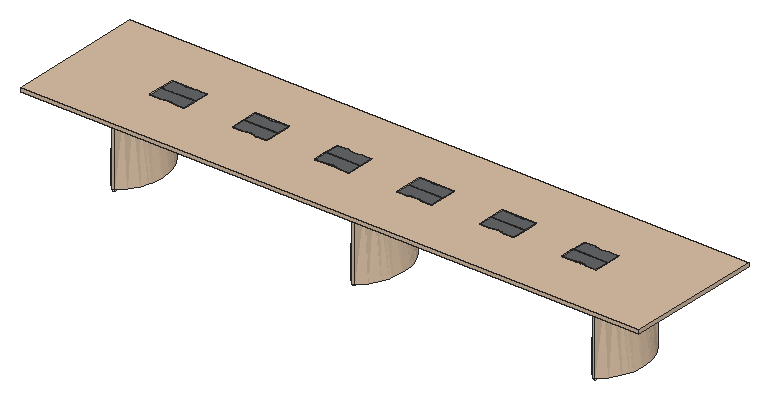
Revit family
Parameters (values of type "18' x 48", 2Pc. Top (6 TAPS)")
  URL = "www.coalesse.com"
  Type Comments = "HS1848R26"
  TwoPiece = yes
  Top Thickness = 0' - 1 1/4"
  Top Finish = Furniture_Coalesse_Host_Top Finish (Veneer)
  ThreePiece = no
  TAP spacing = 2' - 4 13/16"
  Model = "Host"
  Manufacturer = "COALESSE"
  Length = 18' - 0"  # constant formula
  Leg Height = Height - Top Thickness  # 2' - 3 1/4"
  Leg Base (Veneer) = Furniture_Coalesse_Host_Leg Finish (Veneer)
  Height = 2' - 4 1/2"  # constant formula
  Width = 4' - 0"
  Description = "18'L x 48\"W Two Piece Top"
  6 TAP (Table) = yes
  6 TAP = yes
  4 TAP (Table) = no
  4 TAP = yes
  2 TAP (Table) = no
  2 TAP = yes
  1 TAP (Table) = no
  1 TAP = yes
  0 TAP = no
Types (21): name | Type Comments | TwoPiece | ThreePiece | TAP spacing | Width | Description | 6 TAP (Table) | 6 TAP | 4 TAP (Table) | 4 TAP | 2 TAP (Table) | 2 TAP | 1 TAP (Table) | 1 TAP | 0 TAP
  (no name) | "HS1848R26" | yes | no | 2' - 4 13/16" | 4' - 0" | "18'L x 48\"W Two Piece Top" | yes | yes | no | yes | no | yes | no | yes | no
  18' x 48", 2Pc. Top (0 TAP) | "HS1848R20" | yes | no | 4' - 0" | 4' - 0" | "18'L x 48\"W Two Piece Top" | no | no | no | no | no | no | no | no | yes
  18' x 48", 2Pc. Top (1 TAP) | "HS1848R21" | yes | no | 4' - 0" | 4' - 0" | "18'L x 48\"W Two Piece Top" | no | no | no | no | no | no | yes | yes | no
  18' x 48", 2Pc. Top (2 TAPS) | "HS1848R22" | yes | no | 4' - 0" | 4' - 0" | "18'L x 48\"W Two Piece Top" | no | no | no | no | yes | yes | no | yes | no
  18' x 60", 2Pc. Top (0 TAP) | "HS1860R20" | yes | no | 4' - 0" | 5' - 0" | "18'L x 60\"W Two Piece Top" | no | no | no | no | no | no | no | no | yes
  18' x 60", 2Pc. Top (1 TAP) | "HS1860R21" | yes | no | 4' - 0" | 5' - 0" | "18'L x 60\"W Two Piece Top" | no | no | no | no | no | no | yes | yes | no
  18' x 60", 2Pc. Top (2 TAPS) | "HS1860R22" | yes | no | 4' - 0" | 5' - 0" | "18'L x 60\"W Two Piece Top" | no | no | no | no | yes | yes | no | yes | no
  18' x 48", 2Pc. Top (4 TAPS) | "HS1848R24" | yes | no | 4' - 0" | 4' - 0" | "18'L x 48\"W Two Piece Top" | no | no | yes | yes | no | yes | no | yes | no
  18' x 60", 2Pc. Top (4 TAPS) | "HS1860R24" | yes | no | 4' - 0" | 5' - 0" | "18'L x 60\"W Two Piece Top" | no | no | yes | yes | no | yes | no | yes | no
  18' x 48", 3Pc. Top (0 TAP) | "HS1848R30" | no | yes | 4' - 0" | 4' - 0" | "18'L x 48\"W Three Piece Top" | no | no | no | no | no | no | no | no | yes
  18' x 48", 3Pc. Top (1 TAP) | "HS1848R31" | no | yes | 4' - 0" | 4' - 0" | "18'L x 48\"W Three Piece Top" | no | no | no | no | no | no | yes | yes | no
  18' x 48", 3Pc. Top (2 TAPS) | "HS1848R32" | no | yes | 4' - 0" | 4' - 0" | "18'L x 48\"W Three Piece Top" | no | no | no | no | yes | yes | no | yes | no
  18' x 48", 3Pc. Top (4 TAPS) | "HS1848R34" | no | yes | 4' - 0" | 4' - 0" | "18'L x 48\"W Three Piece Top" | no | no | yes | yes | no | yes | no | yes | no
  18' x 60", 3Pc. Top (0 TAP) | "HS1860R30" | no | yes | 4' - 0" | 5' - 0" | "18'L x 60\"W Three Piece Top" | no | no | no | no | no | no | no | no | yes
  18' x 60", 3Pc. Top (1 TAP) | "HS1860R31" | no | yes | 4' - 0" | 5' - 0" | "18'L x 60\"W Three Piece Top" | no | no | no | no | no | no | yes | yes | no
  18' x 60", 3Pc. Top (2 TAPS) | "HS1860R32" | no | yes | 4' - 0" | 5' - 0" | "18'L x 60\"W Three Piece Top" | no | no | no | no | yes | yes | no | yes | no
  18' x 60", 3Pc. Top (4 TAPS) | "HS1860R34" | no | yes | 4' - 0" | 5' - 0" | "18'L x 60\"W Three Piece Top" | no | no | yes | yes | no | yes | no | yes | no
  18' x 48", 2Pc. Top (6 TAPS) | "HS1848R26" | yes | no | 2' - 4 13/16" | 4' - 0" | "18'L x 48\"W Two Piece Top" | yes | yes | no | yes | no | yes | no | yes | no
  18' x 48", 3Pc. Top (6 TAPS) | "HS1848R36" | no | yes | 2' - 4 13/16" | 4' - 0" | "18'L x 48\"W Three Piece Top" | yes | yes | no | yes | no | yes | no | yes | no
  18' x 60", 2Pc. Top (6 TAPS) | "HS1860R26" | yes | no | 2' - 4 13/16" | 5' - 0" | "18'L x 60\"W Two Piece Top" | yes | yes | no | yes | no | yes | no | yes | no
  18' x 60", 3Pc. Top (6 TAPS) | "HS1860R36" | no | yes | 2' - 4 13/16" | 5' - 0" | "18'L x 60\"W Three Piece Top" | yes | yes | no | yes | no | yes | no | yes | no
Reference planes (in)
  plane 1 "Center Front/Back": y = 0
  plane 2: z = 0
  plane 3 "Center Left/Right": x = 0
  plane 4: y = 24
  plane 5: y = -24
  plane 6: z = 27.25
  plane 7: z = 0.125
  plane 8: x = -108
  plane 9: x = 108
  plane 10: z = 28.5
  plane 11: x = -84
  plane 12: x = 84
  plane 13: x = -72
  plane 14: x = 72
  plane 15 "TL": x = -14.40625
  plane 16 "TR": x = 14.40625
  plane 17 "TAP_L": x = -36
  plane 18 "TAP_R": x = 36
  plane 19: x = -43.20312
  plane 20: x = 43.20313
Forms (in)
  Extrusion 1, solid, material "Furniture_Coalesse_Host_Top Finish (Veneer)" <- "Top Finish", visible <- "0 TAP"
    sketch origin (0, 0, 0) x (1, 0, 0) y (0, 1, 0)
      loop
        line (-108, 24) -> (-108, -24) -> (108, -24) -> (108, 24) -> (-108, 24)
    from 27.25 to 28.5
  Extrusion 2, solid, material "Furniture_Coalesse_Host_Top Finish (Veneer)" <- "Top Finish", visible <- "1 TAP (Table)"
    sketch origin (0, 0, 0) x (1, 0, 0) y (0, 1, 0)
      loop
        line (-108, 24) -> (-108, -24) -> (108, -24) -> (108, 24) -> (-108, 24)
      loop
        line (-77.75, -5) -> (-66.25, -5)
        arc (-66.25, -5) -> (-66.07322, -4.92678) -> (-66, -4.75) r 0.25
        line (-66, -4.75) -> (-66, 4.75)
        arc (-66, 4.75) -> (-66.07322, 4.92678) -> (-66.25, 5) r 0.25
        line (-66.25, 5) -> (-77.75, 5)
        arc (-77.75, 5) -> (-77.92678, 4.92678) -> (-78, 4.75) r 0.25
        line (-78, 4.75) -> (-78, -4.75)
        arc (-78, -4.75) -> (-77.92678, -4.92678) -> (-77.75, -5) r 0.25
    from 27.25 to 28.5
  Extrusion 3, solid, material "Furniture_Coalesse_Host_Top Finish (Veneer)" <- "Top Finish", visible <- "2 TAP (Table)"
    sketch origin (0, 0, 0) x (1, 0, 0) y (0, 1, 0)
      loop
        line (-108, 24) -> (-108, -24) -> (108, -24) -> (108, 24) -> (-108, 24)
      loop
        line (-77.75, -5) -> (-66.25, -5)
        arc (-66.25, -5) -> (-66.07322, -4.92678) -> (-66, -4.75) r 0.25
        line (-66, -4.75) -> (-66, 4.75)
        arc (-66, 4.75) -> (-66.07322, 4.92678) -> (-66.25, 5) r 0.25
        line (-66.25, 5) -> (-77.75, 5)
        arc (-77.75, 5) -> (-77.92678, 4.92678) -> (-78, 4.75) r 0.25
        line (-78, 4.75) -> (-78, -4.75)
        arc (-78, -4.75) -> (-77.92678, -4.92678) -> (-77.75, -5) r 0.25
      loop
        line (66.25, -5) -> (77.75, -5)
        arc (77.75, -5) -> (77.92678, -4.92678) -> (78, -4.75) r 0.25
        line (78, -4.75) -> (78, 4.75)
        arc (78, 4.75) -> (77.92678, 4.92678) -> (77.75, 5) r 0.25
        line (77.75, 5) -> (66.25, 5)
        arc (66.25, 5) -> (66.07322, 4.92678) -> (66, 4.75) r 0.25
        line (66, 4.75) -> (66, -4.75)
        arc (66, -4.75) -> (66.07322, -4.92678) -> (66.25, -5) r 0.25
    from 27.25 to 28.5
  Extrusion 4, solid, material "Furniture_Coalesse_Host_Top Finish (Veneer)" <- "Top Finish", visible <- "4 TAP (Table)"
    sketch origin (0, 0, 0) x (1, 0, 0) y (0, 1, 0)
      loop
        line (-108, 24) -> (-108, -24) -> (108, -24) -> (108, 24) -> (-108, 24)
      loop
        line (-77.75, -5) -> (-66.25, -5)
        arc (-66.25, -5) -> (-66.07322, -4.92678) -> (-66, -4.75) r 0.25
        line (-66, -4.75) -> (-66, 4.75)
        arc (-66, 4.75) -> (-66.07322, 4.92678) -> (-66.25, 5) r 0.25
        line (-66.25, 5) -> (-77.75, 5)
        arc (-77.75, 5) -> (-77.92678, 4.92678) -> (-78, 4.75) r 0.25
        line (-78, 4.75) -> (-78, -4.75)
        arc (-78, -4.75) -> (-77.92678, -4.92678) -> (-77.75, -5) r 0.25
      loop
        line (-20.15625, -5) -> (-8.65625, -5)
        arc (-8.65625, -5) -> (-8.47947, -4.92678) -> (-8.40625, -4.75) r 0.25
        line (-8.40625, -4.75) -> (-8.40625, 4.75)
        arc (-8.40625, 4.75) -> (-8.47947, 4.92678) -> (-8.65625, 5) r 0.25
        line (-8.65625, 5) -> (-20.15625, 5)
        arc (-20.15625, 5) -> (-20.33303, 4.92678) -> (-20.40625, 4.75) r 0.25
        line (-20.40625, 4.75) -> (-20.40625, -4.75)
        arc (-20.40625, -4.75) -> (-20.33303, -4.92678) -> (-20.15625, -5) r 0.25
      loop
        line (8.65625, -5) -> (20.15625, -5)
        arc (20.15625, -5) -> (20.33303, -4.92678) -> (20.40625, -4.75) r 0.25
        line (20.40625, -4.75) -> (20.40625, 4.75)
        arc (20.40625, 4.75) -> (20.33303, 4.92678) -> (20.15625, 5) r 0.25
        line (20.15625, 5) -> (8.65625, 5)
        arc (8.65625, 5) -> (8.47947, 4.92678) -> (8.40625, 4.75) r 0.25
        line (8.40625, 4.75) -> (8.40625, -4.75)
        arc (8.40625, -4.75) -> (8.47947, -4.92678) -> (8.65625, -5) r 0.25
      loop
        line (66.25, -5) -> (77.75, -5)
        arc (77.75, -5) -> (77.92678, -4.92678) -> (78, -4.75) r 0.25
        line (78, -4.75) -> (78, 4.75)
        arc (78, 4.75) -> (77.92678, 4.92678) -> (77.75, 5) r 0.25
        line (77.75, 5) -> (66.25, 5)
        arc (66.25, 5) -> (66.07322, 4.92678) -> (66, 4.75) r 0.25
        line (66, 4.75) -> (66, -4.75)
        arc (66, -4.75) -> (66.07322, -4.92678) -> (66.25, -5) r 0.25
    from 27.25 to 28.5
  Extrusion 5, solid, material "Furniture_Coalesse_Host_Top Finish (Veneer)" <- "Top Finish", visible <- "6 TAP (Table)"
    sketch origin (0, 0, 0) x (1, 0, 0) y (0, 1, 0)
      loop
        line (-108, 24) -> (-108, -24) -> (108, -24) -> (108, 24) -> (-108, 24)
      loop
        line (-66.25, 5) -> (-77.75, 5)
        arc (-77.75, 5) -> (-77.92678, 4.92678) -> (-78, 4.75) r 0.25
        line (-78, 4.75) -> (-78, -4.75)
        arc (-78, -4.75) -> (-77.92678, -4.92678) -> (-77.75, -5) r 0.25
        line (-77.75, -5) -> (-66.25, -5)
        arc (-66.25, -5) -> (-66.07322, -4.92678) -> (-66, -4.75) r 0.25
        line (-66, -4.75) -> (-66, 4.75)
        arc (-66, 4.75) -> (-66.07322, 4.92678) -> (-66.25, 5) r 0.25
      loop
        line (-37.45312, 5) -> (-48.95312, 5)
        arc (-48.95312, 5) -> (-49.1299, 4.92678) -> (-49.20312, 4.75) r 0.25
        line (-49.20312, 4.75) -> (-49.20312, -4.75)
        arc (-49.20312, -4.75) -> (-49.1299, -4.92678) -> (-48.95312, -5) r 0.25
        line (-48.95312, -5) -> (-37.45312, -5)
        arc (-37.45312, -5) -> (-37.27635, -4.92678) -> (-37.20312, -4.75) r 0.25
        line (-37.20312, -4.75) -> (-37.20312, 4.75)
        arc (-37.20312, 4.75) -> (-37.27635, 4.92678) -> (-37.45312, 5) r 0.25
      loop
        line (-8.65625, 5) -> (-20.15625, 5)
        arc (-20.15625, 5) -> (-20.33303, 4.92678) -> (-20.40625, 4.75) r 0.25
        line (-20.40625, 4.75) -> (-20.40625, -4.75)
        arc (-20.40625, -4.75) -> (-20.33303, -4.92678) -> (-20.15625, -5) r 0.25
        line (-20.15625, -5) -> (-8.65625, -5)
        arc (-8.65625, -5) -> (-8.47947, -4.92678) -> (-8.40625, -4.75) r 0.25
        line (-8.40625, -4.75) -> (-8.40625, 4.75)
        arc (-8.40625, 4.75) -> (-8.47947, 4.92678) -> (-8.65625, 5) r 0.25
      loop
        line (20.15625, 5) -> (8.65625, 5)
        arc (8.65625, 5) -> (8.47947, 4.92678) -> (8.40625, 4.75) r 0.25
        line (8.40625, 4.75) -> (8.40625, -4.75)
        arc (8.40625, -4.75) -> (8.47947, -4.92678) -> (8.65625, -5) r 0.25
        line (8.65625, -5) -> (20.15625, -5)
        arc (20.15625, -5) -> (20.33303, -4.92678) -> (20.40625, -4.75) r 0.25
        line (20.40625, -4.75) -> (20.40625, 4.75)
        arc (20.40625, 4.75) -> (20.33303, 4.92678) -> (20.15625, 5) r 0.25
      loop
        line (48.95313, 5) -> (37.45313, 5)
        arc (37.45313, 5) -> (37.27635, 4.92678) -> (37.20313, 4.75) r 0.25
        line (37.20313, 4.75) -> (37.20313, -4.75)
        arc (37.20313, -4.75) -> (37.27635, -4.92678) -> (37.45313, -5) r 0.25
        line (37.45313, -5) -> (48.95313, -5)
        arc (48.95313, -5) -> (49.1299, -4.92678) -> (49.20313, -4.75) r 0.25
        line (49.20313, -4.75) -> (49.20313, 4.75)
        arc (49.20313, 4.75) -> (49.1299, 4.92678) -> (48.95313, 5) r 0.25
      loop
        line (77.75, 5) -> (66.25, 5)
        arc (66.25, 5) -> (66.07322, 4.92678) -> (66, 4.75) r 0.25
        line (66, 4.75) -> (66, -4.75)
        arc (66, -4.75) -> (66.07322, -4.92678) -> (66.25, -5) r 0.25
        line (66.25, -5) -> (77.75, -5)
        arc (77.75, -5) -> (77.92678, -4.92678) -> (78, -4.75) r 0.25
        line (78, -4.75) -> (78, 4.75)
        arc (78, 4.75) -> (77.92678, 4.92678) -> (77.75, 5) r 0.25
    from 27.25 to 28.5
Lines and regions (in)
  model lines, visible <- "TwoPiece"
    curve 1: line (0, 24, 28.5) -> (0, -24, 28.5)
    curve 2: line (0, 24, 27.25) -> (0, -24, 27.25)
    curve 3: line (0, 24, 27.25) -> (0, 24, 28.5)
    curve 4: line (0, -24, 27.25) -> (0, -24, 28.5)
  model lines, visible <- "ThreePiece"
    curve 5: line (-36, 24, 28.5) -> (-36, -24, 28.5)
    curve 6: line (-36, 24, 27.25) -> (-36, -24, 27.25)
    curve 7: line (-36, 24, 27.25) -> (-36, 24, 28.5)
    curve 8: line (-36, -24, 27.25) -> (-36, -24, 28.5)
    curve 9: line (36, 24, 28.5) -> (36, -24, 28.5)
    curve 10: line (36, 24, 27.25) -> (36, -24, 27.25)
    curve 11: line (36, 24, 27.25) -> (36, 24, 28.5)
    curve 12: line (36, -24, 27.25) -> (36, -24, 28.5)
Dimensions and locks (in)
  equal spacing: plane 5, plane 1 "Center Front/Back", plane 4
  "Width": plane 5 to plane 4
  "Top Thickness": plane 10 to plane 6
  "Height": plane 10 to level
  equal spacing: plane 8, plane 3 "Center Left/Right", plane 9
  "Length": plane 8 to plane 9
  locked: plane 8 to plane 11 at 24
  locked: plane 12 to plane 9 at 24
  locked: plane 8 to plane 13 at 36
  locked: plane 14 to plane 9 at 36
  locked: nested 1 to plane 11 at 0
  locked: nested 2 to plane 12 at 0
  locked: nested 2 to plane 1 "Center Front/Back" at 0
  locked: plane 1 "Center Front/Back" to nested 1 at 0
  locked: nested 3 to plane 13 at 0
  locked: nested 4 to plane 14 at 0
  locked: nested 5 to plane 15 "TL" at 0
  locked: nested 5 to plane 1 "Center Front/Back" at 0
  locked: nested 6 to plane 16 "TR" at 0
  locked: nested 6 to plane 1 "Center Front/Back" at 0
  equal spacing: plane 8, plane 17 "TAP_L", plane 18 "TAP_R", plane 9
  locked: nested 7 to plane 3 "Center Left/Right" at 0
  locked: nested 7 to plane 1 "Center Front/Back" at 0
  equal spacing: plane 15 "TL", plane 3 "Center Left/Right", plane 16 "TR"
  "TAP spacing": plane 15 "TL" to plane 16 "TR"
  equal spacing: plane 13, plane 19, plane 15 "TL"
  locked: nested 8 to plane 19 at 0
  locked: nested 9 to plane 20 at 0
  equal spacing: plane 16 "TR", plane 20, plane 14
  aligned and locked: Extrusion 1 sketch curve to plane 4
  aligned and locked: Extrusion 1 sketch curve to plane 8
  aligned and locked: Extrusion 1 sketch curve to plane 5
  aligned and locked: Extrusion 1 sketch curve to plane 9
  aligned and locked: plane 10 to Extrusion 1
  aligned and locked: Extrusion 1 to plane 6
  aligned and locked: Extrusion 2 sketch curve to plane 8
  aligned and locked: Extrusion 2 sketch curve to plane 4
  aligned and locked: Extrusion 2 sketch curve to plane 5
  aligned and locked: Extrusion 2 sketch curve to plane 9
  aligned and locked: plane 10 to Extrusion 2
  aligned and locked: Extrusion 2 to plane 6
  aligned and locked: Extrusion 3 sketch curve to plane 4
  aligned and locked: Extrusion 3 sketch curve to plane 8
  aligned and locked: Extrusion 3 sketch curve to plane 9
  aligned and locked: Extrusion 3 sketch curve to plane 5
  aligned and locked: Extrusion 3 sketch curve to nested 3  (x4)
  aligned and locked: Extrusion 3 sketch curve to nested 4  (x4)
  aligned and locked: plane 10 to Extrusion 3
  aligned and locked: Extrusion 3 to plane 6
  aligned and locked: Extrusion 2 sketch curve to nested 3  (x4)
  aligned and locked: plane 10 to curve 1
  aligned and locked: plane 6 to curve 2
  aligned and locked: plane 4 to curve 3
  aligned and locked: curve 4 to plane 5
  aligned and locked: Extrusion 4 sketch curve to plane 8
  aligned and locked: Extrusion 4 sketch curve to plane 4
  aligned and locked: Extrusion 4 sketch curve to plane 9
  aligned and locked: Extrusion 4 sketch curve to plane 5
  aligned and locked: Extrusion 4 sketch curve to nested 3  (x4)
  aligned and locked: Extrusion 4 sketch curve to nested 5  (x4)
  aligned and locked: Extrusion 4 sketch curve to nested 6  (x4)
  aligned and locked: Extrusion 4 sketch curve to nested 4  (x4)
  aligned and locked: plane 10 to Extrusion 4
  aligned and locked: Extrusion 4 to plane 6
  aligned and locked: Extrusion 5 sketch curve to plane 8
  aligned and locked: Extrusion 5 sketch curve to plane 4
  aligned and locked: Extrusion 5 sketch curve to plane 5
  aligned and locked: Extrusion 5 sketch curve to plane 9
  aligned and locked: Extrusion 5 sketch curve to nested 3  (x4)
  aligned and locked: Extrusion 5 sketch curve to nested 8  (x4)
  aligned and locked: Extrusion 5 sketch curve to nested 5  (x4)
  aligned and locked: Extrusion 5 sketch curve to nested 6  (x4)
  aligned and locked: Extrusion 5 sketch curve to nested 9  (x4)
  aligned and locked: Extrusion 5 sketch curve to nested 4  (x4)
  aligned and locked: plane 10 to Extrusion 5
  aligned and locked: Extrusion 5 to plane 6
Automatic sketch dimensions
  curve 10 to plane 4 = 0' - 0"
  curve 12 to plane 5 = 0' - 0"
  curve 10 to plane 6 = 0' - 0"
  curve 11 to plane 10 = 0' - 0"
  curve 6 to plane 4 = 0' - 0"
  curve 8 to plane 5 = 0' - 0"
  curve 6 to plane 6 = 0' - 0"
  curve 7 to plane 10 = 0' - 0"
Nested families (in)
  nested 1: "Coalesse_Host_FlaredBase" at (-84, 0, 0), Leg Height <- "Leg Height", type "Coalesse_Host_FlaredBase"
    with Leg Height 2' - 3 1/4"
  nested 2: "Coalesse_Host_FlaredBase" at (84, 0, 0), Leg Height <- "Leg Height", type "Coalesse_Host_FlaredBase"
    with Leg Height 2' - 3 1/4"
  nested 3: "Coalesse_Host_TAP" at (-72, 0, 0), visible <- "1 TAP", type "Coalesse_Host_TAP"
    with W 0' - 10", L 1' - 0", Table Height 2' - 4 1/2"
  nested 4: "Coalesse_Host_TAP" at (72, 0, 0), visible <- "2 TAP", type "Coalesse_Host_TAP"
    with W 0' - 10", L 1' - 0", Table Height 2' - 4 1/2"
  nested 5: "Coalesse_Host_TAP" at (-14.40625, 0, 0), visible <- "4 TAP", type "Coalesse_Host_TAP"
    with W 0' - 10", L 1' - 0", Table Height 2' - 4 1/2"
  nested 6: "Coalesse_Host_TAP" at (14.40625, 0, 0), visible <- "4 TAP", type "Coalesse_Host_TAP"
    with W 0' - 10", L 1' - 0", Table Height 2' - 4 1/2"
  nested 7: "Coalesse_Host_FlaredBase" at (0, 0, 0), Leg Height <- "Leg Height", type "Coalesse_Host_FlaredBase"
    with Leg Height 2' - 3 1/4"
  nested 8: "Coalesse_Host_TAP" at (-43.20313, 0, 0), visible <- "6 TAP", type "Coalesse_Host_TAP"
    with W 0' - 10", L 1' - 0", Table Height 2' - 4 1/2"
  nested 9: "Coalesse_Host_TAP" at (43.20313, 0, 0), visible <- "6 TAP", type "Coalesse_Host_TAP"
    with W 0' - 10", L 1' - 0", Table Height 2' - 4 1/2"
Definition of nested family "Coalesse_Host_FlaredBase"
  Parameters
    W = 0' - 4"
    URL = "www.coalesse.com"
    Model = "E-Table"
    Manufacturer = "COALESSE"
    Leg Height [instance] = 2' - 3 3/8"
    L = 2' - 3"
    Leg Base = Furniture_Coalesse_Host_Leg Finish (Veneer)
  Reference planes (in)
    plane 1 "Center Front/Back": y = 0
    plane 2: z = 0
    plane 3 "Center Left/Right": x = 0
    plane 4: y = 13.5
    plane 5: y = -13.5
    plane 6: x = -2
    plane 7: x = 2
    plane 8: z = 27.375
    plane 9: z = 0.375
    plane 10 "BL": x = 4
    plane 11 "FL": x = -4
    plane 12: y = 6
    plane 13: y = -6
    plane 14: x = -2.5
    plane 15: x = 2.5
    plane 16: x = -0.5
    plane 17: x = 0.5
    plane 18: z = 23.891
    plane 19: y = -13
    plane 20: y = 13
    plane 21: z = 27.125
    plane 22: x = -6.5
    plane 23: x = 6.5
  Forms (in)
    Extrusion 1, solid, material "Furniture_Coalesse_Host_Hardware"
      sketch origin (0, 0, 0) x (0, 1, 0) y (0, 0, 1)
        loop
          line (13.625, 23.891) -> (16.26146, 27.125) -> (14.86209, 27.125) -> (13.15445, 25.016) -> (2.286, 25.016) -> (0.57835, 27.125) -> (-0.57835, 27.125) -> (-2.286, 25.016) -> (-13.15445, 25.016) -> (-14.86209, 27.125) -> (-16.26146, 27.125) -> (-13.625, 23.891) -> (13.625, 23.891)
      from -2.5 to 2.5
    Revolve 2, solid, material "Furniture_Coalesse_Host_Hardware"
      sketch origin (0, 0, 0) x (0, 1, 0) y (0, 0, 1)
        loop
          line (-13.40625, 0.25) -> (-13.40625, 0) -> (-13, 0) -> (-13, 0.375) -> (-13.15625, 0.375) -> (-13.15625, 0.25) -> (-13.40625, 0.25)
        axis (-13, 0.375) -> (-13, 0)
      angle from 0 to 360
    Revolve 3, solid, material "Furniture_Coalesse_Host_Hardware"
      sketch origin (0, 26, 0) x (0, 1, 0) y (0, 0, 1)
        loop
          line (-13.40625, 0.25) -> (-13.40625, 0) -> (-13, 0) -> (-13, 0.375) -> (-13.15625, 0.375) -> (-13.15625, 0.25) -> (-13.40625, 0.25)
        axis (-13, 0.375) -> (-13, 0)
      angle from 0 to 360
    Revolve 4, solid, material "Furniture_Coalesse_Host_Hardware"
      sketch origin (4, 0, 0) x (0, -1, 0) y (0, 0, 1)
        loop
          line (-5.59375, 0.25) -> (-5.84375, 0.25) -> (-5.84375, 0.375) -> (-6, 0.375) -> (-6, 0) -> (-5.59375, 0) -> (-5.59375, 0.25)
        axis (-6, 0.375) -> (-6, 0)
      angle from 0 to 360
    Revolve 5, solid, material "Furniture_Coalesse_Host_Hardware"
      sketch origin (4, 0, 0) x (0, -1, 0) y (0, 0, 1)
        loop
          line (6.40625, 0.25) -> (6.15625, 0.25) -> (6.15625, 0.375) -> (6, 0.375) -> (6, 0) -> (6.40625, 0) -> (6.40625, 0.25)
        axis (6, 0.375) -> (6, 0)
      angle from 0 to 360
    Revolve 6, solid, material "Furniture_Coalesse_Host_Hardware"
      sketch origin (-4, 0, 0) x (0, -1, 0) y (0, 0, 1)
        loop
          line (-5.59375, 0.25) -> (-5.84375, 0.25) -> (-5.84375, 0.375) -> (-6, 0.375) -> (-6, 0) -> (-5.59375, 0) -> (-5.59375, 0.25)
        axis (-6, 0.375) -> (-6, 0)
      angle from 0 to 360
    Revolve 7, solid, material "Furniture_Coalesse_Host_Hardware"
      sketch origin (-4, 0, 0) x (0, -1, 0) y (0, 0, 1)
        loop
          line (6.40625, 0.25) -> (6.15625, 0.25) -> (6.15625, 0.375) -> (6, 0.375) -> (6, 0) -> (6.40625, 0) -> (6.40625, 0.25)
        axis (6, 0.375) -> (6, 0)
      angle from 0 to 360
    Extrusion 8, solid, material "Furniture_Coalesse_Host_Hardware"
      sketch origin (0, 0, 0) x (1, 0, 0) y (0, 1, 0)
        loop
          line (3, -14.61209) -> (-3, -14.61209)
          arc (-3, -14.61209) -> (-3.94968, -15.56177) -> (-3, -16.51146) r 0.94968
          line (-3, -16.51146) -> (3, -16.51146)
          arc (3, -16.51146) -> (3.94968, -15.56177) -> (3, -14.61209) r 0.94968
      from 27.125 to 27.375
    Extrusion 9, solid, material "Furniture_Coalesse_Host_Hardware"
      sketch origin (0, 15.56177, 0) x (1, 0, 0) y (0, 1, 0)
        loop
          line (3, -14.61209) -> (-3, -14.61209)
          arc (-3, -14.61209) -> (-3.94968, -15.56177) -> (-3, -16.51146) r 0.94968
          line (-3, -16.51146) -> (3, -16.51146)
          arc (3, -16.51146) -> (3.94968, -15.56177) -> (3, -14.61209) r 0.94968
      from 27.125 to 27.375
    Extrusion 10, solid, material "Furniture_Coalesse_Host_Hardware"
      sketch origin (0, 0, 0) x (1, 0, 0) y (0, 1, 0)
        loop
          arc (3, 14.61209) -> (3.94968, 15.56177) -> (3, 16.51146) r 0.94968
          line (3, 16.51146) -> (-3, 16.51146)
          arc (-3, 16.51146) -> (-3.94968, 15.56177) -> (-3, 14.61209) r 0.94968
          line (-3, 14.61209) -> (3, 14.61209)
      from 27.125 to 27.375
    Blend 11, solid, material "Furniture_Coalesse_Host_Leg Finish (Veneer)" <- "Leg Base"
      base sketch origin (0, 0, 0) x (1, 0, 0) y (0, 1, 0)
        loop
          line (-0.5, -13.5) -> (0.5, -13.5)
          arc (0.5, -13.5) -> (6.5, 0) -> (0.5, 13.5) r 18.1875
          line (0.5, 13.5) -> (-0.5, 13.5)
          arc (-0.5, 13.5) -> (-6.5, 0) -> (-0.5, -13.5) r 18.1875
      top sketch origin (0, 0, 0) x (1, 0, 0) y (0, 1, 0)
        loop
          line (-0.5, -13.5) -> (0.5, -13.5)
          arc (0.5, -13.5) -> (2, 0) -> (0.5, 13.5) r 61.49995
          line (0.5, 13.5) -> (-0.5, 13.5)
          arc (-0.5, 13.5) -> (-2, 0) -> (-0.5, -13.5) r 61.49995
      from 0.375 to 23.891
  Cuts and joins
    joined: Extrusion 1, Extrusion 8, Extrusion 9, Extrusion 10
  Dimensions and locks (in)
    equal spacing: plane 5, plane 1 "Center Front/Back", plane 4
    equal spacing: plane 6, plane 3 "Center Left/Right", plane 7
    "Leg Height": plane 8 to level
    locked: plane 5 to plane 4 at 27
    plane 6 to plane 7 = 0' - 4"
    plane 12 to plane 1 "Center Front/Back" to plane 13 = 0' - 6", 0' - 6"
    locked: plane 7 to plane 15 at 0.5
    locked: plane 14 to plane 6 at 0.5
    locked: plane 9 to level at 0.375
    locked: plane 18 to plane 8 at 3.484
    locked: plane 19 to plane 5 at 0.5
    locked: plane 20 to plane 4 at 0.5
    locked: plane 8 to plane 21 at 0.25
    locked: plane 22 to plane 3 "Center Left/Right" at 6.5
    locked: plane 3 "Center Left/Right" to plane 23 at 6.5
    aligned and locked: plane 18 to Extrusion 1 sketch curve
    aligned and locked: Extrusion 1 to plane 14
    aligned and locked: Extrusion 1 to plane 15
    aligned and locked: Revolve 2 sketch curve to level
    aligned and locked: Revolve 2 sketch curve to plane 19
    aligned and locked: Extrusion 1 sketch curve to plane 21  (x2)
    aligned and locked: plane 21 to Extrusion 1 sketch curve
    aligned and locked: plane 8 to Extrusion 8
    aligned and locked: Extrusion 8 to plane 21
    aligned and locked: plane 8 to Extrusion 9
    aligned and locked: Extrusion 9 to plane 21
    aligned and locked: Extrusion 10 to plane 21
    aligned and locked: plane 8 to Extrusion 10
    aligned and locked: Blend 11 sketch curve to plane 4
    aligned and locked: plane 5 to Blend 11 sketch curve
    aligned and locked: Blend 11 to plane 18
    aligned and locked: Blend 11 to plane 9
  Automatic sketch dimensions
    plane 5 to Extrusion 1 sketch curve = 0' - 2.76146"
    plane 5 to Extrusion 1 sketch curve = 0' - 1.36209"
    plane 5 to Extrusion 1 sketch curve = 0' - 0 1/8"
    Extrusion 1 sketch curve to plane 19 = 0' - 0.15445"
    Extrusion 1 sketch curve to plane 18 = 0' - 1 1/8"  (x2)
    plane 1 "Center Front/Back" to Extrusion 1 sketch curve = 0' - 2.286"
    plane 1 "Center Front/Back" to Extrusion 1 sketch curve = 0' - 0.57835"
    Extrusion 1 sketch curve to plane 1 "Center Front/Back" = 0' - 0.57835"
    Extrusion 1 sketch curve to plane 1 "Center Front/Back" = 0' - 2.286"
    Extrusion 1 sketch curve to plane 20 = 0' - 0.15445"
    plane 4 to Extrusion 1 sketch curve = 0' - 0 1/8"
    plane 4 to Extrusion 1 sketch curve = 0' - 1.36209"
    Extrusion 1 sketch curve to Extrusion 1 sketch curve = 0' - 1.39937"
    Revolve 2 sketch curve to plane 9 = 0' - 0"
    Revolve 2 sketch curve to plane 19 = 0' - 0"
    Revolve 2 sketch curve to plane 19 = 0' - 0 5/32"
    Revolve 2 sketch curve to plane 5 = 0' - 0 3/32"
    Revolve 2 sketch curve to level = 1' - 0"
    Revolve 2 sketch curve to plane 9 = 0' - 0 1/8"
    plane 8 to Revolve 2 sketch curve = 5' - 8 5/8"
    Revolve 3 sketch curve to level = 0' - 0"
    Revolve 3 sketch curve to plane 9 = 0' - 0"
    Revolve 3 sketch curve to plane 20 = 0' - 0"  (x2)
    plane 20 to Revolve 3 sketch curve = 0' - 0 5/32"
    Revolve 3 sketch curve to Revolve 3 sketch curve = 0' - 0 1/4"
    Revolve 3 sketch curve to level = 1' - 0"
    Revolve 3 sketch curve to plane 9 = 0' - 0 1/8"
    plane 8 to Revolve 3 sketch curve = 5' - 8 5/8"
    Revolve 4 sketch curve to plane 12 = 0' - 0"  (x2)
    Revolve 4 sketch curve to plane 9 = 0' - 0"
    Revolve 4 sketch curve to level = 0' - 0"
    Revolve 4 sketch curve to Revolve 4 sketch curve = 0' - 0 5/32"
    Revolve 4 sketch curve to Revolve 4 sketch curve = 0' - 0 1/4"
    Revolve 4 sketch curve to level = 1' - 0"
    Revolve 4 sketch curve to plane 9 = 0' - 0 1/8"
    plane 8 to Revolve 4 sketch curve = 5' - 8 5/8"
    Revolve 5 sketch curve to plane 13 = 0' - 0"  (x2)
    Revolve 5 sketch curve to plane 9 = 0' - 0"
    Revolve 5 sketch curve to level = 0' - 0"
    Revolve 5 sketch curve to plane 13 = 0' - 0 5/32"
    Revolve 5 sketch curve to Revolve 5 sketch curve = 0' - 0 1/4"
    Revolve 5 sketch curve to level = 1' - 0"
    Revolve 5 sketch curve to plane 9 = 0' - 0 1/8"
    plane 8 to Revolve 5 sketch curve = 5' - 8 5/8"
    Revolve 6 sketch curve to plane 12 = 0' - 0"  (x2)
    Revolve 6 sketch curve to plane 9 = 0' - 0"
    Revolve 6 sketch curve to level = 0' - 0"
    Revolve 6 sketch curve to Revolve 6 sketch curve = 0' - 0 5/32"
    Revolve 6 sketch curve to Revolve 6 sketch curve = 0' - 0 1/4"
    level to Revolve 6 sketch curve = 1' - 0"
    plane 9 to Revolve 6 sketch curve = 0' - 0 1/8"
    Revolve 6 sketch curve to plane 8 = 5' - 8 5/8"
    Revolve 7 sketch curve to plane 13 = 0' - 0"  (x2)
    Revolve 7 sketch curve to plane 9 = 0' - 0"
    Revolve 7 sketch curve to level = 0' - 0"
    plane 13 to Revolve 7 sketch curve = 0' - 0 5/32"
    Revolve 7 sketch curve to Revolve 7 sketch curve = 0' - 0 1/4"
    level to Revolve 7 sketch curve = 1' - 0"
    plane 9 to Revolve 7 sketch curve = 0' - 0 1/8"
    Revolve 7 sketch curve to plane 8 = 5' - 8 5/8"
    Extrusion 8 sketch curve to plane 14 = 0' - 0 1/2"
    Extrusion 8 sketch curve to plane 15 = 0' - 0 1/2"
    plane 5 to Extrusion 8 sketch curve = 0' - 3.01146"
    Extrusion 8 sketch curve to Extrusion 8 sketch curve = 0' - 0.94968"
    Extrusion 9 sketch curve to plane 1 "Center Front/Back" = 0' - 0"
    Extrusion 9 sketch curve to plane 14 = 0' - 0 1/2"
    Extrusion 9 sketch curve to plane 15 = 0' - 0 1/2"
    plane 1 "Center Front/Back" to Extrusion 9 sketch curve = 0' - 0.94968"
    plane 14 to Extrusion 10 sketch curve = 0' - 0 1/2"
    plane 15 to Extrusion 10 sketch curve = 0' - 0 1/2"
    Extrusion 10 sketch curve to plane 4 = 0' - 3.01146"
    Extrusion 10 sketch curve to Extrusion 10 sketch curve = 0' - 0.94968"
    Blend 11 sketch curve to plane 1 "Center Front/Back" = 0' - 0"  (x3)
    Blend 11 sketch curve to plane 16 = 0' - 0"  (x3)
    Blend 11 sketch curve to plane 17 = 0' - 0"  (x2)
    Blend 11 sketch curve to plane 22 = 0' - 5 3/16"
    Blend 11 sketch curve to plane 23 = 0' - 5 3/16"
    Blend 11 sketch curve to plane 4 = 0' - 0"
    Blend 11 sketch curve to plane 5 = 0' - 0"
    Blend 11 sketch curve to plane 22 = 4' - 4.99995"
    Blend 11 sketch curve to plane 23 = 4' - 4.99995"
Definition of nested family "Coalesse_Host_TAP"
  Parameters
    URL = ""
    Type Comments = ""
    Top Thickness = 0' - 1"
    L [instance] = 1' - 0"
    Model = ""
    Manufacturer = ""
    Table Height = 2' - 5"
    W [instance] = 0' - 10"
    Description = ""
    Base Finish = Furniture_Coalesse_Host_UB_Base
  Reference planes (in)
    plane 1 "Center Front/Back": y = 0
    plane 2: z = 0
    plane 3 "Center Left/Right": x = 0
    plane 4: y = 5
    plane 5: y = -5
    plane 6: z = 0.125
    plane 7: x = -6
    plane 8: x = 6
    plane 9: z = 29
    plane 10: z = 28.75
    plane 11: y = 4.5
    plane 12: y = -4.5
    plane 13: z = 27
    plane 14: z = 26
  Forms (in)
    Extrusion 1, solid, material "Furniture_Coalesse_Host_UB_Base" <- "Base Finish"
      sketch origin (0, 0, 0) x (1, 0, 0) y (0, 1, 0)
        loop
          line (-6, 4.75) -> (-6, 0.0625) -> (6, 0.0625) -> (6, 4.75)
          arc (6, 4.75) -> (5.92678, 4.92678) -> (5.75, 5) r 0.25
          line (5.75, 5) -> (2.54951, 5)
          arc (2.54951, 5) -> (2.5014, 4.99533) -> (2.45508, 4.98148) r 0.25
          arc (2.45508, 4.98148) -> (0, 4.5) -> (-2.45508, 4.98148) r 6.5
          arc (-2.45508, 4.98148) -> (-2.5014, 4.99533) -> (-2.54951, 5) r 0.25
          line (-2.54951, 5) -> (-5.75, 5)
          arc (-5.75, 5) -> (-5.92678, 4.92678) -> (-6, 4.75) r 0.25
        loop
          line (-5.75, -5) -> (-2.54951, -5)
          arc (-2.54951, -5) -> (-2.5014, -4.99533) -> (-2.45508, -4.98148) r 0.25
          arc (-2.45508, -4.98148) -> (0, -4.5) -> (2.45508, -4.98148) r 6.5
          arc (2.45508, -4.98148) -> (2.5014, -4.99533) -> (2.54951, -5) r 0.25
          line (2.54951, -5) -> (5.75, -5)
          arc (5.75, -5) -> (5.92678, -4.92678) -> (6, -4.75) r 0.25
          line (6, -4.75) -> (6, -0.0625) -> (-6, -0.0625) -> (-6, -4.75)
          arc (-6, -4.75) -> (-5.92678, -4.92678) -> (-5.75, -5) r 0.25
      from 28.75 to 29
    Extrusion 2, solid, material "Furniture_Coalesse_Host_UB_Black"
      sketch origin (0, 0, 0) x (1, 0, 0) y (0, 1, 0)
        loop
          arc (-5.75, 5) -> (-5.92678, 4.92678) -> (-6, 4.75) r 0.25
          line (-6, 4.75) -> (-6, -4.75)
          arc (-6, -4.75) -> (-5.92678, -4.92678) -> (-5.75, -5) r 0.25
          line (-5.75, -5) -> (5.75, -5)
          arc (5.75, -5) -> (5.92678, -4.92678) -> (6, -4.75) r 0.25
          line (6, -4.75) -> (6, 4.75)
          arc (6, 4.75) -> (5.92678, 4.92678) -> (5.75, 5) r 0.25
          line (5.75, 5) -> (-5.75, 5)
      from 27 to 28.75
    Extrusion 3, solid, material "Furniture_Coalesse_Host_UB_Black"
      sketch origin (0, 0, 0) x (0, 1, 0) y (0, 0, 1)
        loop
          line (2, 26) -> (2, 27) -> (-2, 27) -> (-2, 26) -> (2, 26)
      from -6 to 6
  Cuts and joins
    joined: Extrusion 2, Extrusion 3
  Dimensions and locks (in)
    equal spacing: plane 5, plane 1 "Center Front/Back", plane 4
    "W": plane 5 to plane 4
    "Table Height": plane 9 to level
    equal spacing: plane 7, plane 3 "Center Left/Right", plane 8
    "L": plane 7 to plane 8
    locked: plane 9 to plane 10 at 0.25
    locked: plane 5 to plane 12 at 0.5
    locked: plane 4 to plane 11 at 0.5
    locked: plane 9 to plane 13 at 2
    Extrusion 3 sketch curve to plane 1 "Center Front/Back" to Extrusion 3 sketch curve = 0' - 2" locked, 0' - 2" locked
    locked: plane 13 to plane 14 at 1
    aligned and locked: plane 9 to Extrusion 1
    aligned and locked: Extrusion 1 to plane 10
    aligned and locked: Extrusion 1 sketch curve to plane 7
    aligned and locked: Extrusion 1 sketch curve to plane 4
    aligned and locked: plane 5 to Extrusion 1 sketch curve
    aligned and locked: Extrusion 1 sketch curve to plane 8
    aligned and locked: plane 10 to Extrusion 2
    aligned and locked: Extrusion 2 to plane 13
    aligned and locked: plane 14 to Extrusion 3 sketch curve
    aligned and locked: plane 13 to Extrusion 3 sketch curve
    aligned and locked: Extrusion 3 to plane 7
    aligned and locked: plane 8 to Extrusion 3
  Automatic sketch dimensions
    Extrusion 1 sketch curve to plane 7 = 0' - 0"
    Extrusion 1 sketch curve to plane 3 "Center Left/Right" = 0' - 0"  (x2)
    Extrusion 1 sketch curve to plane 4 = 0' - 0"
    Extrusion 1 sketch curve to plane 5 = 0' - 0"
    Extrusion 1 sketch curve to plane 8 = 0' - 0"
    plane 7 to Extrusion 1 sketch curve = 0' - 0 1/4"  (x2)
    Extrusion 1 sketch curve to plane 3 "Center Left/Right" = 0' - 2.54951"
    Extrusion 1 sketch curve to plane 5 = 0' - 0.01852"  (x2)
    Extrusion 1 sketch curve to plane 4 = 0' - 0.01852"  (x2)
    Extrusion 1 sketch curve to Extrusion 1 sketch curve = 0' - 0.09443"  (x2)
    Extrusion 1 sketch curve to Extrusion 1 sketch curve = 0' - 0"  (x4)
    plane 3 "Center Left/Right" to Extrusion 1 sketch curve = 0' - 2.45508"
    Extrusion 1 sketch curve to plane 8 = 0' - 0 1/4"  (x2)
    plane 1 "Center Front/Back" to Extrusion 1 sketch curve = 0' - 0 1/16"
    Extrusion 1 sketch curve to plane 1 "Center Front/Back" = 0' - 0 1/16"
    Extrusion 2 sketch curve to plane 7 = 0' - 0"
    Extrusion 2 sketch curve to plane 5 = 0' - 0"
    Extrusion 2 sketch curve to plane 4 = 0' - 0"
    Extrusion 2 sketch curve to plane 8 = 0' - 0"
    plane 7 to Extrusion 2 sketch curve = 0' - 0 1/4"  (x2)
    Extrusion 2 sketch curve to plane 8 = 0' - 0 1/4"
    Extrusion 2 sketch curve to plane 4 = 0' - 0 1/4"
